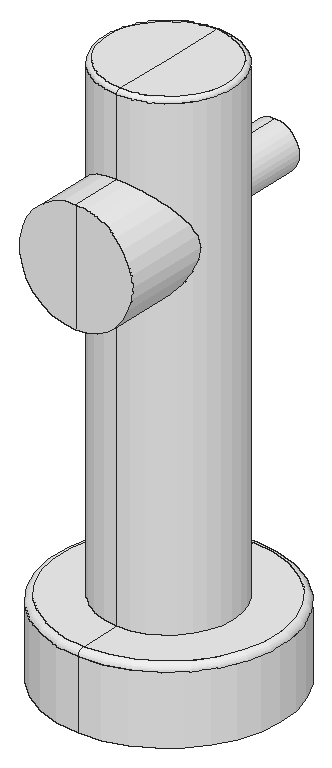
Revit family "Tub_Spout-American_Standard-Serin-8888087.002", category Plumbing Fixtures, host Face, Revit 2018
Family settings
  Host = Face
  Round Connector Dimension = Use Diameter
  Part Type = Normal
  OmniClass Number = 23.45.05.14.21
  OmniClass Title = Bathtubs
  Cut with Voids When Loaded = No
  Shared = Yes
  Room Calculation Point = No
Parameters (values of type "8888087.002")
  Waste Connection = no
  WFU = 4  # constant formula
  Vent Connection = no
  URL = "http://www.americanstandard-us.com/"
  Type Comments = ""
  Tempered Water Connection = yes
  Revised Date = "07/05/2022"  # constant formula
  Product Page URL = "https://www.americanstandard-us.com/Tub-Fillers/Serin-4-7-8-Inch-Slip-On-Diverter-Tub-Spout/CHROME-8888087002"
  Product Documentation Link = "https://americanstandard.box.com/shared/static/pdozukui8es6qa68vkxbxvr0m0mddfkj.pdf"
  Price = "Prices may vary. Please consult Manufacturer Representative for most up-to-date price list."  # constant formula
  Model = "8888087.002"
  Material = "Brass-American Standard-002-Polished Chrome"
  Manufacturer = "American Standard"
  Length = 4 7/8"
  Installation Type = "Wall Mounted"
  HWFU = 3  # constant formula
  HW Connection = no
  Finish = Brass-American Standard-002-Polished Chrome
  Description = "Serin® 4-7/8-Inch Slip-On Diverter Tub Spout"
  Default Elevation = 25"  # constant formula
  Creation Date = "03/24/2020"  # constant formula
  Connection Size = 1/2"
  CWFU = 3  # constant formula
  CW Connection = no
  Assembly Code = "D2020300"
Reference planes (in)
  plane 1 "Center (Front/Back)": y = -43
  plane 2: z = 0
  plane 3 "Center (Left/Right)": x = 0
  plane 4: x = 4
  plane 5: x = -4
  plane 6: z = -1.04254
  plane 7: z = 1.5
Forms (in)
  Revolve 1, solid, material "Brass-American Standard-002-Polished Chrome" <- "Finish"
    sketch origin (0, -53.494, -2.54254) x (0, 0, -1) y (0, 1, 0)
      loop
        line (-9.00134, 10.494) -> (-2.54254, 10.494) -> (-2.54254, 11.8065) -> (-3.33627, 11.8065)
        arc (-3.33627, 11.8065) -> (-3.38945, 11.78447) -> (-3.41148, 11.73129) r 0.0752
        line (-3.41148, 11.73129) -> (-3.41148, 11.244) -> (-8.95338, 11.244)
        arc (-8.95338, 11.244) -> (-8.98729, 11.22995) -> (-9.00134, 11.19604) r 0.04796
        line (-9.00134, 11.19604) -> (-9.00134, 10.494)
      axis (-9.00134, 10.494) -> (-2.54254, 10.494)
    angle from 0 to 360
  Revolve 2, solid, material "Brass-American Standard-002-Polished Chrome" <- "Finish"
    sketch origin (0, -53.494, -2.54254) x (0, 0, -1) y (0, 1, 0)
      loop
        line (-7.41754, 12.04205) -> (-7.41754, 9.1479) -> (-6.76129, 9.1479) -> (-6.76129, 10.16557) -> (-7.26129, 10.16557) -> (-7.26129, 11.3541) -> (-7.13629, 11.3541) -> (-7.13629, 12.04205) -> (-7.41754, 12.04205)
      axis (-7.41754, 12.04205) -> (-7.41754, 9.1479)
    angle from 0 to 360
Lines and regions (in)
  Masking region 1
    outline origin (0, -43, 0) x (1, 0, 0) y (0, 0, 1)
      loop
        line (0.75, 0.86894) -> (0.75, 6.40346)
        arc (0.75, 6.40346) -> (0.73423, 6.44153) -> (0.69616, 6.4573) r 0.05384
        line (0.69616, 6.4573) -> (-0.69616, 6.4573)
        arc (-0.69616, 6.4573) -> (-0.73423, 6.44153) -> (-0.75, 6.40346) r 0.05384
        line (-0.75, 6.40346) -> (-0.75, 0.86894) -> (-1.24077, 0.86894)
        arc (-1.24077, 0.86894) -> (-1.29149, 0.84793) -> (-1.3125, 0.79721) r 0.07173
        line (-1.3125, 0.79721) -> (-1.3125, 0) -> (1.3125, 0) -> (1.3125, 0.79721)
        arc (1.3125, 0.79721) -> (1.29149, 0.84793) -> (1.24077, 0.86894) r 0.07173
        line (1.24077, 0.86894) -> (0.75, 0.86894)
  symbolic lines, detail levels medium+fine
    curve 1: line (0.75, -43, 0.86894) -> (-0.75, -43, 0.86894)
    curve 2: circle (0, -43, 4.875) r 0.28125 normal (0, -1, 0)
Dimensions and locks (in)
  aligned and locked: plane 2 to host face
  aligned and locked: level to host face
Connectors (in)
  piping at (0, -43, 0), diameter 0.5, driven by "Connection Size"
    settings: on Revolve 1, index 1, connector inside diameter 24", connector length 0", flow factor 0, pipe flow 0 GPM, pressure drop 0.00 psi, fitting loss kfactor 0, connector angle 0.00°, fixture units 0, engagement length 0", angle of deflection 0.00°, flow configuration 0, flow direction 1, fitting loss method 0, system type 29, joint type 0, gender type 0, connector reference index -1, connector utility 0, adjustable connector no, is connector primary yes, connector description "1/2\" OD Water Inlet Connection"
